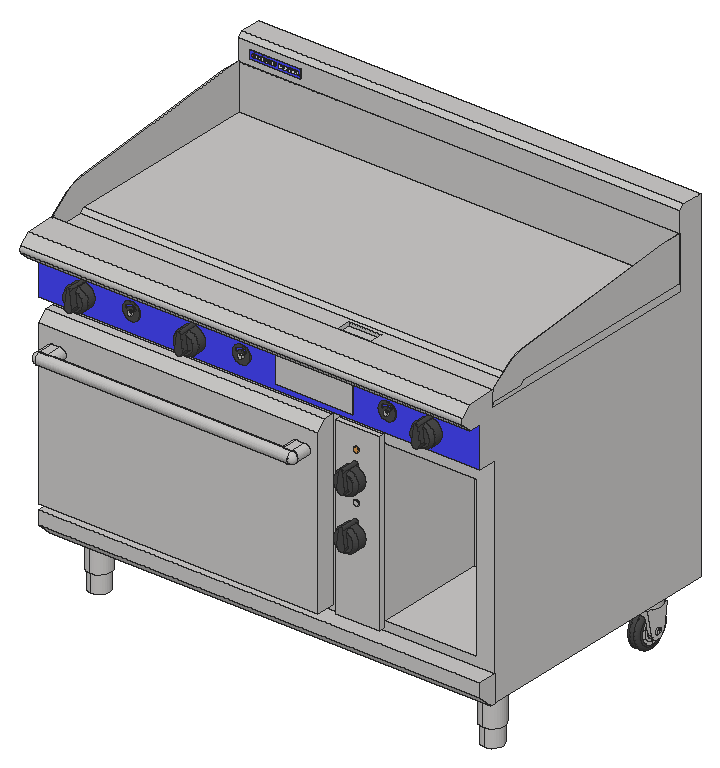
Revit family "QF_MOFFAT_BLUESEAL_AU_GPE508", category Specialty Equipment, Revit 2012
Parameters
  Width = 1200 mm
  Weight in Pounds = 484  # constant formula
  Watts = 6500 W
  Volts = 400 V
  URL Cutsheet = "www.moffat.com"
  URL = "www.moffat.com"
  Type Mark [instance] = ""
  Status [instance] = ""
  Specification by User [instance] = ""
  Specification by Manufacturer = ""
  Show Logo [instance] = yes
  Show Clearance [instance] = yes
  Show Casters [instance] = yes
  Serial Number = ""
  Seismic Rating = ""
  SMACNA No = ""
  Revision Code [instance] = ""
  Plumbing Remarks = ""
  Plumbing Connection Type [instance] = ""
  Phase = 3
  Omniclass Number and Title = ""
  Number of Poles [instance] = 1
  NAFEM Spec ID Number = ""
  Model = "GPE508"
  Min Ckt Ampacity = 0 A
  Mechanical Remarks = ""
  Mechanical Connection Type [instance] = ""
  Max Overcurrent Protection = 0 A
  Masterspec = ""
  Manufacturer = "MOFFAT BLUESEAL"
  Legs [instance] = no
  Item Number [instance] = ""
  Installed By [instance] = ""
  Identify Quantity as Lot [instance] = yes
  Height = 1085 mm
  HP = ""
  Gas Size = 3/4"
  Gas RI Height [instance] = 0 mm
  Gas KW [instance] = 30
  Gas Input [instance] = 102364.0 Btu/h
  Gas Connection Height = 0 mm
  Furnished By [instance] = ""
  Foodservice Equipment Identifier [instance] = yes
  FL Amps = 9.4 A
  Electrical Remarks [instance] = "9.4A PER PHASE"
  Electric Connection Type [instance] = ""
  Elec Conn RI Height [instance] = 0 mm
  Elec Conn Connection Height [instance] = 0 mm
  Description = "1200MM GAS RANGE  WITH ELECTRIC STATIC OVEN"
  Depth = 812 mm
  Cycle = 50 Hz
  Conn Plug = ""
  Conn Conduit = yes
  Cold Water Temperature Recommended = -459.67 °F
  Cold Water Size = 1/2"
  Cold Water RI Height [instance] = 0 mm
  Cold Water Minimum Pressure = 0.00 psi
  Cold Water Maximum Pressure = 0.00 psi
  Cold Water Flow = 0 GPM
  Cold Water Consumption = ""
  Cold Water Connection Height = 0 mm
  CSI MasterFormat = ""
  CSI Master Format = ""
  Body Finish = QF_Finishes_Stainless Steel
  Apparent Power = 0 VA
Reference planes
  plane 1 "BACK": y = 0
  plane 2: z = 0
  plane 3 "LEFT": x = 0
  plane 4 "RIGHT": x = 1200
  plane 5 "FRONT": y = -812
  plane 6 "TOP": z = 970
  plane 7 "Center Y": x = 600
  plane 8 "Center X": y = -406
  plane 9: x = 280
  plane 10: x = 1134.5
  plane 11: y = -32
  plane 12: z = 655
  plane 13: x = 65.5
  plane 14: z = 1085
  plane 15: z = 150
  plane 16: y = -100
  plane 17: y = -625
  plane 18: z = 915
Forms (mm)
  Extrusion 1, solid, material "QF_Finishes_Stainless Steel" <- "Body Finish"
    sketch origin (0, 0, 0) x (0, 1, 0) y (0, 0, 1)
      loop
        line (0, 150) -> (0, 1085) -> (-57.5, 1085) -> (-70, 1072.5) -> (-70, 875) -> (-705, 875) -> (-705, 915) -> (-783.97, 915) -> (-808.485, 890.485)
        arc (-808.485, 890.485) -> (-811.999, 882) -> (-808.485, 873.515) r 12
        line (-808.485, 873.515) -> (-784.97, 850) -> (-749, 850) -> (-749, 740) -> (-699, 740) -> (-699, 150) -> (0, 150)
      loop
        line (-700, 222.5) -> (-749, 222.5) -> (-749, 186) -> (-713, 150) -> (-700, 150) -> (-700, 222.5)
    from 0 to 1200
  Extrusion 2, solid, material "QF_Finishes_Stainless Steel"
    sketch origin (0, 0, 0) x (0, 1, 0) y (0, 0, 1)
      loop
        line (-725, 700) -> (-749, 676) -> (-749, 235) -> (-700, 235) -> (-700, 700) -> (-725, 700)
    from 0 to 760
  Extrusion 3, solid, material "QF_Finishes_Stainless Steel"
    sketch origin (723.5, 0, 0) x (0, 1, 0) y (0, 0, 1)
      loop
        line (-700, 700) -> (-716, 700) -> (-716, 227.5) -> (-700, 227.5) -> (-700, 700)
    from 56.898 to 176.5
  Revolve 4, solid, material "QF_Finishes_Stainless Steel" <- "Body Finish"
    sketch origin (1134.5, -689.126, 0) x (0, 1, 0) y (0, 0, -1)
      loop
        line (32.376, -150) -> (64.126, -150) -> (64.126, 0) -> (36.626, 0) -> (36.626, -50) -> (32.376, -50) -> (32.376, -150)
      axis (64.126, -150) -> (64.126, 0)
    angle from 0 to 360
  Revolve 5, solid, material "QF_Finishes_Stainless Steel" <- "Body Finish"
    sketch origin (65.5, -689.126, 0) x (0, 1, 0) y (0, 0, 1)
      loop
        line (32.376, 150) -> (32.376, 50) -> (36.626, 50) -> (36.626, 0) -> (64.126, 0) -> (64.126, 150) -> (32.376, 150)
      axis (64.126, 150) -> (64.126, 0)
    angle from 0 to 360
  Extrusion 6, solid, material "QF_Finishes_Stainless Steel"
    sketch origin (-64.5, 0, 325) x (1, 0, 0) y (0, 1, 0)
      loop
        circle (1134.5, -32) r 10
    from 330 to 374.856
  Extrusion 7, void
    sketch origin (0, -699, 150) x (0, 0, -1) y (-1, 0, 0)
      loop
        line (-529.781, -900) -> (-529.781, -1150) -> (-96, -1150) -> (-96, -900) -> (-529.781, -900)
    from 0 to 304.8
  Revolve 8, solid, material "QF_Finishes_Black"
    sketch origin (128, 45.874, -2.2) x (0, 1, 0) y (0, 0, -1)
      loop
        line (-827.874, -829.5) -> (-804.874, -829.5) -> (-804.874, -802) -> (-794.874, -802) -> (-794.874, -797) -> (-838.874, -797) -> (-838.874, -823.651) -> (-827.874, -829.5)
      axis (-838.874, -797) -> (-794.874, -797)
    angle from 0 to 360
  Extrusion 9, solid, material "QF_Finishes_Black"
    sketch origin (276.884, 0, -6.671) x (-1, 0, 0) y (0, 0, -1)
      loop
        line (138.465, -790.666) -> (143.886, -833.584)
        arc (143.886, -833.584) -> (148.884, -838.471) -> (153.883, -833.584) r 5
        line (153.883, -833.584) -> (159.372, -789.499)
        arc (159.372, -789.499) -> (148.3, -779) -> (138.465, -790.666) r 10.487
    from 759 to 808
  Extrusion 10, solid, material "QF_Finishes_Stainless Steel"
    sketch origin (0, -703.73, 150) x (1, 0, 0) y (0, -1, 0)
      loop
        circle (831, -219.73) r 10
    from 0 to 3
  Revolve 11, solid, material "QF_Finishes_Black"
    sketch origin (837.495, 78.874, -213.6) x (0, 1, 0) y (0, 0, 1)
      loop
        line (-827.874, 829.5) -> (-838.874, 823.651) -> (-838.874, 797) -> (-794.874, 797) -> (-794.874, 802) -> (-804.874, 802) -> (-804.874, 829.5) -> (-827.874, 829.5)
      axis (-838.874, 797) -> (-794.874, 797)
    angle from 0 to 360
  Extrusion 12, solid, material "QF_Finishes_Black"
    sketch origin (389.688, 40, -213.6) x (1, 0, 0) y (0, 0, 1)
      loop
        line (458.226, 786.195) -> (452.806, 829.113)
        arc (452.806, 829.113) -> (447.807, 834) -> (442.808, 829.113) r 5
        line (442.808, 829.113) -> (437.319, 785.028)
        arc (437.319, 785.028) -> (448.391, 774.529) -> (458.226, 786.195) r 10.487
    from 759 to 808
  Extrusion 13, solid, material "QF_Door-Drawer Clearances", visible <- "Show Clearance", detail levels coarse
    sketch origin (762.865, 0, 0) x (0, 1, 0) y (0, 0, 1)
      loop
        line (-1214, 235) -> (-749, 235) -> (-749, 700)
        arc (-749, 700) -> (-1077.805, 563.805) -> (-1214, 235) r 465
    from -2.865 to -762.865
  Extrusion 14, void
    sketch origin (0, 0, 150) x (-1, 0, 0) y (0, -1, 0)
      loop
        line (-1133.988, 87.26) -> (-1133.988, -30.24) -> (-1004.488, -30.24) -> (-1004.488, 38.76) -> (-1052.988, 87.26) -> (-1133.988, 87.26)
    from 72.5 to 549.856
  Extrusion 15, solid, material "QF_Finishes_Stainless Steel"
    sketch origin (0, -749, 227.5) x (0, 0, 1) y (-1, 0, 0)
      loop
        line (380.625, -38.246) -> (380.625, -58.528)
        arc (380.625, -58.528) -> (395.625, -73.528) -> (410.625, -58.528) r 15
        line (410.625, -58.528) -> (410.625, -38.246)
        arc (410.625, -38.246) -> (395.625, -23.246) -> (380.625, -38.246) r 15
      loop
        arc (380.625, -723.039) -> (395.625, -738.039) -> (410.625, -723.039) r 15
        line (410.625, -723.039) -> (410.625, -702.757)
        arc (410.625, -702.757) -> (395.625, -687.757) -> (380.625, -702.757) r 15
        line (380.625, -702.757) -> (380.625, -723.039)
    from 0 to 44
  Revolve 16, solid, material "QF_Finishes_Stainless Steel"
    sketch origin (0, -793, 0) x (1, 0, 0) y (0, 0, 1)
      loop
        arc (738.039, 623.125) -> (733.646, 633.732) -> (723.039, 638.125) r 15
        line (723.039, 638.125) -> (38.246, 638.125)
        arc (38.246, 638.125) -> (27.64, 633.732) -> (23.246, 623.125) r 15
        line (23.246, 623.125) -> (738.039, 623.125)
      axis (738.039, 623.125) -> (23.246, 623.125)
    angle from 0 to 360
  Revolve 17, solid, material "QF_Finishes_Black"
    sketch origin (428, 45.874, -2.2) x (0, 1, 0) y (0, 0, -1)
      loop
        line (-827.874, -829.5) -> (-804.874, -829.5) -> (-804.874, -802) -> (-794.874, -802) -> (-794.874, -797) -> (-838.874, -797) -> (-838.874, -823.651) -> (-827.874, -829.5)
      axis (-838.874, -797) -> (-794.874, -797)
    angle from 0 to 360
  Extrusion 18, solid, material "QF_Finishes_Black"
    sketch origin (576.884, 0, -6.671) x (-1, 0, 0) y (0, 0, -1)
      loop
        line (138.465, -790.666) -> (143.886, -833.584)
        arc (143.886, -833.584) -> (148.884, -838.471) -> (153.883, -833.584) r 5
        line (153.883, -833.584) -> (159.372, -789.499)
        arc (159.372, -789.499) -> (148.3, -779) -> (138.465, -790.666) r 10.487
    from 759 to 808
  Revolve 19, solid, material "QF_Finishes_Black"
    sketch origin (1071.855, 45.874, -1.504) x (0, 1, 0) y (0, 0, -1)
      loop
        line (-827.874, -829.5) -> (-804.874, -829.5) -> (-804.874, -802) -> (-794.874, -802) -> (-794.874, -797) -> (-838.874, -797) -> (-838.874, -823.651) -> (-827.874, -829.5)
      axis (-838.874, -797) -> (-794.874, -797)
    angle from 0 to 360
  Extrusion 20, solid, material "QF_Finishes_Black"
    sketch origin (1220.739, 0, -5.976) x (-1, 0, 0) y (0, 0, -1)
      loop
        line (138.465, -790.666) -> (143.886, -833.584)
        arc (143.886, -833.584) -> (148.884, -838.471) -> (153.883, -833.584) r 5
        line (153.883, -833.584) -> (159.372, -789.499)
        arc (159.372, -789.499) -> (148.3, -779) -> (138.465, -790.666) r 10.487
    from 759 to 808
  Extrusion 21, solid, material "QF_Finishes_Stainless Steel"
    sketch origin (0, -749, 866) x (0, 0, -1) y (1, 0, 0)
      loop
        line (111.628, 855) -> (24.729, 855) -> (24.729, 645) -> (111.628, 645) -> (111.628, 855)
    from 0 to 1
  Extrusion 22, solid, material "QF_Finishes_Black"
    sketch origin (0, -749, 866) x (0, 0, -1) y (1, 0, 0)
      loop
        circle (71.799, 252) r 23.9
      loop
        arc (64.44, 260.419) -> (65.3, 265.219) -> (60.5, 266.079) r 3.448
        arc (60.5, 266.079) -> (53.915, 251.341) -> (61.718, 237.209) r 18.095
        arc (61.718, 237.209) -> (66.44, 238.491) -> (65.125, 243.204) r 3.448
        arc (65.125, 243.204) -> (61.557, 251.683) -> (64.44, 260.419) r 13.109
      loop
        arc (64.44, 560.419) -> (65.3, 565.219) -> (60.5, 566.079) r 3.448
        arc (60.5, 566.079) -> (53.915, 551.341) -> (61.718, 537.209) r 18.095
        arc (61.718, 537.209) -> (66.44, 538.491) -> (65.125, 543.204) r 3.448
        arc (65.125, 543.204) -> (61.557, 551.683) -> (64.44, 560.419) r 13.109
      loop
        circle (71.799, 552) r 23.9
      loop
        circle (71.2, 948) r 23.9
      loop
        arc (64.526, 956.796) -> (65.841, 961.509) -> (61.119, 962.791) r 3.448
        arc (61.119, 962.791) -> (53.316, 948.659) -> (59.901, 933.921) r 18.095
        arc (59.901, 933.921) -> (64.701, 934.781) -> (63.841, 939.581) r 3.448
        arc (63.841, 939.581) -> (60.958, 948.317) -> (64.526, 956.796) r 13.109
    from 0 to 1
  Extrusion 23, solid, material "QF_Finishes_Stainless Steel"
    sketch origin (0, -750, 866) x (0, 0, -1) y (1, 0, 0)
      loop
        circle (75.299, 252) r 5.75
      loop
        circle (75.299, 552) r 5.75
      loop
        circle (74.7, 948) r 5.75
    from 0 to 5
  Extrusion 24, solid, material "QF_Finishes_Orange"
    sketch origin (723.5, -716, 700) x (0, 0, -1) y (1, 0, 0)
      loop
        circle (51.6, 114) r 7.15
    from 0 to 1
  Extrusion 25, solid, material "QF_Finishes_Stainless Steel"
    sketch origin (723.5, -716, 700) x (0, 0, -1) y (1, 0, 0)
      loop
        circle (181.6, 114) r 7.15
    from 0 to 1
  Revolve 26, solid, material "QF_Finishes_Stainless Steel", visible <- "Legs"
    sketch origin (65.5, -166, 0) x (0, 1, 0) y (0, 0, 1)
      loop
        line (34.25, 150) -> (34.25, 50) -> (38.5, 50) -> (38.5, 0) -> (66, 0) -> (66, 150) -> (34.25, 150)
      axis (66, 150) -> (66, 0)
    angle from 0 to 360
  Revolve 27, solid, material "QF_Finishes_Stainless Steel", visible <- "Show Casters"
    sketch origin (16.276, -100.755, -12.8) x (1, 0, 0) y (0, 0, 1)
      loop
        line (14.841, 63.604) -> (83.584, 63.604) -> (83.584, 67.109) -> (82.314, 68.379) -> (80.79, 68.379) -> (80.79, 71.826) -> (68.644, 71.826) -> (68.644, 81.79) -> (65.088, 83.843) -> (63.738, 92.179) -> (65.881, 92.179) -> (65.881, 98.529) -> (65.088, 98.529) -> (65.088, 104.879)
        arc (65.088, 104.879) -> (62.298, 111.614) -> (55.563, 114.404) r 9.525
        line (55.563, 114.404) -> (42.863, 114.404)
        arc (42.863, 114.404) -> (36.127, 111.614) -> (33.338, 104.879) r 9.525
        line (33.338, 104.879) -> (33.338, 98.529) -> (32.544, 98.529) -> (32.544, 92.179) -> (34.687, 92.179) -> (33.352, 83.932) -> (29.782, 81.871) -> (29.782, 71.826) -> (17.635, 71.826) -> (17.635, 68.379) -> (16.111, 68.379) -> (14.841, 67.109) -> (14.841, 63.604)
      axis (14.841, 63.604) -> (83.584, 63.604)
    angle from 0 to 360
  Extrusion 28, solid, material "QF_Finishes_Stainless Steel", visible <- "Show Casters"
    sketch origin (72.001, 132.353, -8.783) x (0, 1, 0) y (0, 0, 1)
      loop
        line (-200.603, 118.783) -> (-264.103, 118.783) -> (-251.746, 53.895)
        arc (-251.746, 53.895) -> (-232.353, 38.783) -> (-212.959, 53.895) r 20
        line (-212.959, 53.895) -> (-200.603, 118.783)
    from -35.667 to 22.923
  Revolve 29, solid, material "QF_Finishes_Stainless Steel", visible <- "Show Casters"
    sketch origin (65.5, -204, 0) x (0, 1, 0) y (0, 0, 1)
      loop
        line (68.25, 150) -> (68.25, 110) -> (104, 110) -> (104, 150) -> (68.25, 150)
      axis (104, 150) -> (104, 110)
    angle from 0 to 360
  Revolve 30, solid, material "QF_Finishes_Stainless Steel", visible <- "Legs"
    sketch origin (65.5, -166, 0) x (0, 1, 0) y (0, 0, 1)
      loop
        line (34.25, 150) -> (34.25, 50) -> (38.5, 50) -> (38.5, 0) -> (66, 0) -> (66, 150) -> (34.25, 150)
      axis (66, 150) -> (66, 0)
    angle from 0 to 360
  Revolve 31, solid, material "QF_Finishes_Stainless Steel", visible <- "Legs"
    sketch origin (1134.5, -166, 0) x (0, 1, 0) y (0, 0, -1)
      loop
        line (34.25, -150) -> (66, -150) -> (66, 0) -> (38.5, 0) -> (38.5, -50) -> (34.25, -50) -> (34.25, -150)
      axis (66, -150) -> (66, 0)
    angle from 0 to 360
  Revolve 32, solid, material "QF_Finishes_Stainless Steel", visible <- "Show Casters"
    sketch origin (1183.724, -100.755, -12.8) x (-1, 0, 0) y (0, 0, -1)
      loop
        line (14.841, -63.604) -> (14.841, -67.109) -> (16.111, -68.379) -> (17.635, -68.379) -> (17.635, -71.826) -> (29.782, -71.826) -> (29.782, -81.871) -> (33.352, -83.932) -> (34.687, -92.179) -> (32.544, -92.179) -> (32.544, -98.529) -> (33.338, -98.529) -> (33.338, -104.879)
        arc (33.338, -104.879) -> (36.127, -111.614) -> (42.863, -114.404) r 9.525
        line (42.863, -114.404) -> (55.563, -114.404)
        arc (55.563, -114.404) -> (62.298, -111.614) -> (65.088, -104.879) r 9.525
        line (65.088, -104.879) -> (65.088, -98.529) -> (65.881, -98.529) -> (65.881, -92.179) -> (63.738, -92.179) -> (65.088, -83.843) -> (68.644, -81.79) -> (68.644, -71.826) -> (80.79, -71.826) -> (80.79, -68.379) -> (82.314, -68.379) -> (83.584, -67.109) -> (83.584, -63.604) -> (14.841, -63.604)
      axis (14.841, -63.604) -> (83.584, -63.604)
    angle from 0 to 360
  Extrusion 33, solid, material "QF_Finishes_Stainless Steel", visible <- "Show Casters"
    sketch origin (1127.999, 132.353, -8.783) x (0, 1, 0) y (0, 0, -1)
      loop
        line (-200.603, -118.783) -> (-212.959, -53.895)
        arc (-212.959, -53.895) -> (-232.353, -38.783) -> (-251.746, -53.895) r 20
        line (-251.746, -53.895) -> (-264.103, -118.783) -> (-200.603, -118.783)
    from -35.667 to 22.923
  Revolve 34, solid, material "QF_Finishes_Stainless Steel", visible <- "Show Casters"
    sketch origin (1134.5, -204, 0) x (0, 1, 0) y (0, 0, -1)
      loop
        line (68.25, -150) -> (104, -150) -> (104, -110) -> (68.25, -110) -> (68.25, -150)
      axis (104, -150) -> (104, -110)
    angle from 0 to 360
  Revolve 35, solid, material "QF_Finishes_Stainless Steel", visible <- "Legs"
    sketch origin (1134.5, -166, 0) x (0, 1, 0) y (0, 0, -1)
      loop
        line (34.25, -150) -> (66, -150) -> (66, 0) -> (38.5, 0) -> (38.5, -50) -> (34.25, -50) -> (34.25, -150)
      axis (66, -150) -> (66, 0)
    angle from 0 to 360
  Revolve 36, solid, material "QF_Finishes_Black"
    sketch origin (837.495, 78.874, -353.465) x (0, 1, 0) y (0, 0, 1)
      loop
        line (-827.874, 829.5) -> (-838.874, 823.651) -> (-838.874, 797) -> (-794.874, 797) -> (-794.874, 802) -> (-804.874, 802) -> (-804.874, 829.5) -> (-827.874, 829.5)
      axis (-838.874, 797) -> (-794.874, 797)
    angle from 0 to 360
  Extrusion 37, solid, material "QF_Finishes_Black"
    sketch origin (389.688, 40, -353.465) x (1, 0, 0) y (0, 0, 1)
      loop
        line (458.226, 786.195) -> (452.806, 829.113)
        arc (452.806, 829.113) -> (447.807, 834) -> (442.808, 829.113) r 5
        line (442.808, 829.113) -> (437.319, 785.028)
        arc (437.319, 785.028) -> (448.391, 774.529) -> (458.226, 786.195) r 10.487
    from 759 to 808
  Extrusion 38, solid, material "QF_Finishes_Orange"
    sketch origin (723.5, -716, 700) x (0, 0, -1) y (1, 0, 0)
      loop
        circle (181.6, 114) r 7.15
    from 0 to 1
Cuts and joins
  Extrusion 7, Extrusion 14 cuts Extrusion 1
Lines and regions (mm)
  Split face 1
    outline origin (0, -750, 866) x (0, 0, -1) y (1, 0, 0)
      loop
        arc (34.628, 743) -> (38.628, 739) -> (42.628, 743) r 4
        line (42.628, 743) -> (42.628, 757)
        arc (42.628, 757) -> (38.628, 761) -> (34.628, 757) r 4
        line (34.628, 757) -> (34.628, 743)
  Split face 2
    outline origin (1200, 0, 1085) x (-1, 0, 0) y (0, -1, 0)
      loop
        arc (35.206, 45.385) -> (26.545, 40.385) -> (26.545, 30.385) r 10
        line (26.545, 30.385) -> (30.587, 23.385)
        arc (30.587, 23.385) -> (34.247, 19.725) -> (39.247, 18.385) r 10
        line (39.247, 18.385) -> (267.206, 18.385)
        arc (267.206, 18.385) -> (275.866, 23.385) -> (275.866, 33.385) r 10
        line (275.866, 33.385) -> (271.824, 40.385)
        arc (271.824, 40.385) -> (268.164, 44.045) -> (263.164, 45.385) r 10
        line (263.164, 45.385) -> (35.206, 45.385)
  Split face 3
    outline origin (1200, 0, 1085) x (-1, 0, 0) y (0, -1, 0)
      loop
        arc (335.206, 45.385) -> (326.545, 40.385) -> (326.545, 30.385) r 10
        line (326.545, 30.385) -> (330.587, 23.385)
        arc (330.587, 23.385) -> (334.247, 19.725) -> (339.247, 18.385) r 10
        line (339.247, 18.385) -> (567.206, 18.385)
        arc (567.206, 18.385) -> (575.866, 23.385) -> (575.866, 33.385) r 10
        line (575.866, 33.385) -> (571.824, 40.385)
        arc (571.824, 40.385) -> (568.164, 44.045) -> (563.164, 45.385) r 10
        line (563.164, 45.385) -> (335.206, 45.385)
  Split face 4
    outline origin (1200, 0, 1085) x (-1, 0, 0) y (0, -1, 0)
      loop
        arc (867.206, 18.385) -> (875.866, 23.385) -> (875.866, 33.385) r 10
        line (875.866, 33.385) -> (871.824, 40.385)
        arc (871.824, 40.385) -> (868.164, 44.045) -> (863.164, 45.385) r 10
        line (863.164, 45.385) -> (635.206, 45.385)
        arc (635.206, 45.385) -> (626.545, 40.385) -> (626.545, 30.385) r 10
        line (626.545, 30.385) -> (630.587, 23.385)
        arc (630.587, 23.385) -> (634.247, 19.725) -> (639.247, 18.385) r 10
        line (639.247, 18.385) -> (867.206, 18.385)
  Split face 5
    outline origin (1200, 0, 1085) x (-1, 0, 0) y (0, -1, 0)
      loop
        arc (1167.206, 18.385) -> (1175.866, 23.385) -> (1175.866, 33.385) r 10
        line (1175.866, 33.385) -> (1171.824, 40.385)
        arc (1171.824, 40.385) -> (1168.164, 44.045) -> (1163.164, 45.385) r 10
        line (1163.164, 45.385) -> (935.206, 45.385)
        arc (935.206, 45.385) -> (926.545, 40.385) -> (926.545, 30.385) r 10
        line (926.545, 30.385) -> (930.587, 23.385)
        arc (930.587, 23.385) -> (934.247, 19.725) -> (939.247, 18.385) r 10
        line (939.247, 18.385) -> (1167.206, 18.385)
  symbolic lines, style "QF_Door-Drawer Clearances", visible <- "Show Clearance"
    curve 1: line (0, -1214, 0) -> (760, -1214, 0)
    curve 2: line (760, -1214, 0) -> (760, -811.999, 0)
    curve 3: line (0, -1214, 0) -> (0, -811.999, 0)
  symbolic lines, style "SpecialityEquipmentHiddenLines", visible <- "Show Casters"
    curve 4: line (78.456, -46.735, 0) -> (105.952, -62.61, 0)
    curve 5: line (27.656, -134.723, 0) -> (78.456, -46.735, 0)
    curve 6: line (55.152, -150.598, 0) -> (27.656, -134.723, 0)
    curve 7: line (105.952, -62.61, 0) -> (55.152, -150.598, 0)
    curve 8: line (1125.152, -150.598, 0) -> (1097.656, -134.723, 0)
    curve 9: line (1175.952, -62.61, 0) -> (1125.152, -150.598, 0)
    curve 11: line (1148.456, -46.735, 0) -> (1097.656, -134.723, 0)
    curve 12: line (1175.952, -62.61, 0) -> (1148.456, -46.735, 0)
  symbolic lines
    curve 10: arc (36.836, -45.385, 0) -> (31.836, -44.045, 0) -> (28.176, -40.385, 0) r 10
    curve 13: line (260.753, -18.385, 0) -> (32.794, -18.385, 0)
    curve 14: arc (32.794, -18.385, 0) -> (24.134, -23.385, 0) -> (24.134, -33.385, 0) r 10
    curve 15: line (24.134, -33.385, 0) -> (28.176, -40.385, 0)
    curve 16: arc (28.176, -40.385, 0) -> (31.836, -44.045, 0) -> (36.836, -45.385, 0) r 10
    curve 17: line (36.836, -45.385, 0) -> (264.794, -45.385, 0)
    curve 18: arc (264.794, -45.385, 0) -> (273.455, -40.385, 0) -> (273.455, -30.385, 0) r 10
    curve 19: line (273.455, -30.385, 0) -> (269.413, -23.385, 0)
    curve 20: arc (269.413, -23.385, 0) -> (265.753, -19.725, 0) -> (260.753, -18.385, 0) r 10
    curve 21: line (560.753, -18.385, 0) -> (332.794, -18.385, 0)
    curve 22: arc (332.794, -18.385, 0) -> (324.134, -23.385, 0) -> (324.134, -33.385, 0) r 10
    curve 23: line (324.134, -33.385, 0) -> (328.176, -40.385, 0)
    curve 24: arc (328.176, -40.385, 0) -> (331.836, -44.045, 0) -> (336.836, -45.385, 0) r 10
    curve 25: line (336.836, -45.385, 0) -> (564.794, -45.385, 0)
    curve 26: arc (564.794, -45.385, 0) -> (573.455, -40.385, 0) -> (573.455, -30.385, 0) r 10
    curve 27: line (573.455, -30.385, 0) -> (569.413, -23.385, 0)
    curve 28: arc (569.413, -23.385, 0) -> (565.753, -19.725, 0) -> (560.753, -18.385, 0) r 10
    curve 29: line (860.753, -18.385, 0) -> (632.794, -18.385, 0)
    curve 30: arc (632.794, -18.385, 0) -> (624.134, -23.385, 0) -> (624.134, -33.385, 0) r 10
    curve 31: line (624.134, -33.385, 0) -> (628.176, -40.385, 0)
    curve 32: arc (628.176, -40.385, 0) -> (631.836, -44.045, 0) -> (636.836, -45.385, 0) r 10
    curve 33: line (636.836, -45.385, 0) -> (864.794, -45.385, 0)
    curve 34: arc (864.794, -45.385, 0) -> (873.455, -40.385, 0) -> (873.455, -30.385, 0) r 10
    curve 35: line (873.455, -30.385, 0) -> (869.413, -23.385, 0)
    curve 36: arc (869.413, -23.385, 0) -> (865.753, -19.725, 0) -> (860.753, -18.385, 0) r 10
    curve 37: line (932.794, -18.385, 0) -> (1160.753, -18.385, 0)
    curve 38: arc (1160.753, -18.385, 0) -> (1165.753, -19.725, 0) -> (1169.413, -23.385, 0) r 10
    curve 39: line (1169.413, -23.385, 0) -> (1173.455, -30.385, 0)
    curve 40: arc (1173.455, -30.385, 0) -> (1173.455, -40.385, 0) -> (1164.794, -45.385, 0) r 10
    curve 41: line (1164.794, -45.385, 0) -> (936.836, -45.385, 0)
    curve 42: arc (936.836, -45.385, 0) -> (931.836, -44.045, 0) -> (928.176, -40.385, 0) r 10
    curve 43: line (928.176, -40.385, 0) -> (924.134, -33.385, 0)
    curve 44: arc (924.134, -33.385, 0) -> (924.134, -23.385, 0) -> (932.794, -18.385, 0) r 10
    curve 45: line (0, -783.97, 0) -> (1200, -783.97, 0)
    curve 46: line (1200, -811.999, 0) -> (0, -811.999, 0)
    curve 47: line (1200, -811.999, 0) -> (1200, 0, 0)
    curve 48: line (0, 0, 0) -> (0, -811.999, 0)
    curve 49: line (0, 0, 0) -> (1200, 0, 0)
    curve 50: line (0, -70, 0) -> (1200, -70, 0)
    curve 51: line (0, -57.5, 0) -> (1200, -57.5, 0)
Dimensions and locks
  equal spacing: plane 3 "LEFT", plane 7 "Center Y", plane 4 "RIGHT"
  "Width": plane 3 "LEFT" to plane 4 "RIGHT"
  equal spacing: plane 5 "FRONT", plane 8 "Center X", plane 1 "BACK"
  plane 5 "FRONT" to plane 1 "BACK" = 812 mm  (x2)
  equal spacing: plane 4 "RIGHT", plane 7 "Center Y", plane 3 "LEFT"
  plane 4 "RIGHT" to plane 3 "LEFT" = 1200 mm
  plane 9 to plane 3 "LEFT" = 280 mm
  locked: plane 4 "RIGHT" to plane 10 at 65.5
  plane 14 to plane 2 = 1085 mm
  plane 15 to plane 2 = 150 mm
  Revolve 27 sketch curve to Revolve 27 sketch curve = 50.8 mm
  Revolve 32 sketch curve to Revolve 32 sketch curve = 50.8 mm
  Extrusion 10 sketch curve to plane 1 "BACK" = 484 mm
  Extrusion 10 sketch curve to plane 4 "RIGHT" = 369 mm
  plane 18 to plane 2 = 915 mm
  plane 12 to plane 2 = 655 mm
  plane 1 "BACK" to plane 11 = 32 mm
  aligned and locked: level to plane 2
  aligned and locked: Extrusion 1 to plane 4 "RIGHT"
  aligned and locked: plane 10 to Revolve 4
Automatic sketch dimensions
  curve 10 to curve 16 = 0 mm  (x2)
  curve 1 to plane 3 "LEFT" = 0 mm
  curve 46 to plane 4 "RIGHT" = 0 mm
  plane 1 "BACK" to curve 48 = 0 mm
  curve 15 to plane 11 = 1.385 mm
  plane 3 "LEFT" to curve 15 = 24.134 mm
  plane 3 "LEFT" to curve 6 = 27.656 mm
  curve 14 to curve 16 = 4.041 mm
  curve 14 to curve 13 = 8.66 mm
  curve 15 to curve 10 = 8.66 mm
  curve 6 to plane 13 = 10.348 mm
  plane 13 to curve 5 = 12.956 mm
  curve 13 to plane 9 = 19.247 mm
  curve 18 to plane 11 = 3.385 mm
  curve 20 to curve 18 = 4.041 mm
  curve 20 to curve 19 = 8.66 mm
  plane 11 to curve 18 = 1.615 mm
  curve 18 to plane 9 = 6.545 mm
  curve 22 to plane 11 = 1.385 mm
  plane 9 to curve 22 = 44.134 mm
  curve 23 to plane 11 = 8.385 mm
  curve 23 to curve 23 = 4.041 mm
  curve 22 to curve 21 = 8.66 mm
  curve 24 to plane 11 = 3.385 mm
  curve 22 to curve 24 = 4.041 mm
  plane 11 to curve 28 = 13.615 mm
  curve 28 to plane 7 "Center Y" = 39.247 mm
  curve 26 to plane 11 = 3.385 mm
  curve 28 to curve 26 = 4.041 mm
  plane 11 to curve 27 = 8.615 mm
  curve 21 to curve 27 = 8.66 mm
  plane 11 to curve 26 = 1.615 mm
  curve 30 to plane 11 = 1.385 mm
  plane 7 "Center Y" to curve 30 = 24.134 mm
  curve 31 to plane 11 = 8.385 mm
  curve 31 to curve 31 = 4.041 mm
  curve 30 to curve 30 = 8.66 mm
  curve 32 to plane 11 = 3.385 mm
  curve 30 to curve 32 = 4.041 mm
  curve 2 to plane 5 "FRONT" = 0.001 mm
  plane 7 "Center Y" to curve 2 = 160 mm
  plane 11 to curve 36 = 13.615 mm
  curve 32 to curve 36 = 223.917 mm
  curve 36 to curve 34 = 4.041 mm  (x2)
  plane 11 to curve 35 = 8.615 mm
  curve 29 to curve 35 = 8.66 mm
  plane 11 to curve 34 = 1.615 mm
  curve 43 to plane 11 = 1.385 mm
  curve 35 to curve 43 = 50.679 mm
  curve 43 to plane 11 = 8.385 mm
  curve 44 to curve 43 = 4.041 mm
  plane 11 to curve 44 = 13.615 mm
  curve 44 to curve 44 = 8.66 mm
  curve 42 to curve 42 = 8.66 mm
  curve 11 to plane 10 = 36.844 mm
  curve 8 to plane 10 = 9.348 mm
  plane 10 to curve 11 = 13.956 mm
  plane 10 to curve 37 = 26.253 mm
  curve 11 to curve 40 = 16.339 mm
  plane 11 to curve 39 = 8.615 mm
  curve 38 to curve 39 = 8.66 mm
  plane 11 to curve 39 = 1.615 mm
  curve 39 to curve 39 = 4.041 mm
  plane 5 "FRONT" to curve 1 = 402 mm
  curve 46 to curve 45 = 28.029 mm
  plane 16 to curve 6 = 50.598 mm
  plane 16 to curve 8 = 50.598 mm
  curve 8 to curve 8 = 15.875 mm
  curve 6 to curve 6 = 15.875 mm
  curve 50 to curve 9 = 7.39 mm
  curve 50 to curve 51 = 12.5 mm
  curve 42 to curve 42 = 5 mm
  curve 16 to curve 14 = 7 mm
  plane 11 to curve 14 = 3.615 mm
  plane 11 to curve 20 = 3.615 mm
  Extrusion 1 sketch curve to plane 18 = 0 mm
  Extrusion 1 sketch curve to plane 15 = 0 mm  (x2)
  Extrusion 1 sketch curve to plane 14 = 0 mm
  Extrusion 1 sketch curve to plane 1 "BACK" = 0 mm
  Extrusion 1 sketch curve to plane 11 = 25.5 mm
  Extrusion 1 sketch curve to plane 16 = 30 mm
  plane 17 to Extrusion 1 sketch curve = 74 mm
  Extrusion 1 sketch curve to Extrusion 1 sketch curve = 1 mm
  plane 17 to Extrusion 1 sketch curve = 80 mm
  Extrusion 1 sketch curve to Extrusion 1 sketch curve = 13 mm
  Extrusion 1 sketch curve to Extrusion 1 sketch curve = 44 mm
  Extrusion 1 sketch curve to Extrusion 1 sketch curve = 36 mm
  Extrusion 1 sketch curve to plane 5 "FRONT" = 28.03 mm
  Extrusion 1 sketch curve to plane 5 "FRONT" = 27.03 mm
  Extrusion 1 sketch curve to plane 5 "FRONT" = 12.001 mm
  Extrusion 1 sketch curve to plane 5 "FRONT" = 3.515 mm  (x2)
  plane 15 to Extrusion 1 sketch curve = 36 mm
  Extrusion 1 sketch curve to Extrusion 1 sketch curve = 36.5 mm
  plane 12 to Extrusion 1 sketch curve = 85 mm
  Extrusion 1 sketch curve to plane 18 = 65 mm
  Extrusion 1 sketch curve to Extrusion 1 sketch curve = 23.515 mm
  Extrusion 1 sketch curve to plane 18 = 40 mm
  Extrusion 1 sketch curve to Extrusion 1 sketch curve = 8.485 mm
  Extrusion 1 sketch curve to plane 14 = 12.5 mm
  plane 12 to Extrusion 2 sketch curve = 21 mm
  Extrusion 2 sketch curve to plane 5 "FRONT" = 63 mm
  Extrusion 2 sketch curve to Extrusion 2 sketch curve = 24 mm
  Extrusion 2 sketch curve to Extrusion 2 sketch curve = 49 mm
  plane 15 to Extrusion 2 sketch curve = 85 mm
  plane 12 to Extrusion 2 sketch curve = 45 mm
  plane 17 to Extrusion 3 sketch curve = 91 mm
  Extrusion 3 sketch curve to Extrusion 3 sketch curve = 16 mm
  plane 15 to Extrusion 3 sketch curve = 77.5 mm
  plane 12 to Extrusion 3 sketch curve = 45 mm
  Revolve 4 sketch curve to plane 15 = 0 mm
  Revolve 4 sketch curve to level = 0 mm
  Revolve 4 sketch curve to plane 17 = 0 mm  (x2)
  Revolve 4 sketch curve to Revolve 4 sketch curve = 27.5 mm
  plane 17 to Revolve 4 sketch curve = 31.75 mm
  level to Revolve 4 sketch curve = 50 mm
  Revolve 4 sketch curve to Revolve 4 sketch curve = 0 mm
  Revolve 4 sketch curve to Revolve 4 sketch curve = 55 mm
  Revolve 5 sketch curve to plane 15 = 0 mm
  Revolve 5 sketch curve to level = 0 mm
  Revolve 5 sketch curve to plane 17 = 0 mm  (x2)
  Revolve 5 sketch curve to Revolve 5 sketch curve = 27.5 mm
  Revolve 5 sketch curve to Revolve 5 sketch curve = 31.75 mm
  Revolve 5 sketch curve to Revolve 5 sketch curve = 55 mm
  level to Revolve 5 sketch curve = 50 mm
  Revolve 5 sketch curve to Revolve 5 sketch curve = 0 mm
  Extrusion 6 sketch curve to plane 11 = 0 mm
  Extrusion 6 sketch curve to plane 10 = 64.5 mm
  Extrusion 1 to Extrusion 7 sketch curve = 60.219 mm
  Extrusion 1 to Extrusion 7 sketch curve = 96 mm
  Extrusion 7 sketch curve to Extrusion 1 = 50 mm
  Extrusion 7 sketch curve to Extrusion 7 sketch curve = 250 mm
  Revolve 8 sketch curve to plane 5 "FRONT" = 19 mm
  Revolve 8 sketch curve to Revolve 8 sketch curve = 0 mm  (x2)
  Revolve 8 sketch curve to Revolve 8 sketch curve = 11 mm
  Revolve 8 sketch curve to Revolve 8 sketch curve = 12.7 mm
  Revolve 8 sketch curve to Revolve 8 sketch curve = 23 mm
  Revolve 8 sketch curve to Revolve 8 sketch curve = 10 mm
  Revolve 8 sketch curve to plane 18 = 87.7 mm
  Revolve 8 sketch curve to Revolve 8 sketch curve = 5.849 mm
  Revolve 8 sketch curve to Revolve 8 sketch curve = 27.5 mm
  Revolve 8 sketch curve to Revolve 8 sketch curve = 5 mm
  plane 13 to Extrusion 9 sketch curve = 72.919 mm
  Extrusion 9 sketch curve to Extrusion 9 sketch curve = 5.421 mm
  Extrusion 9 sketch curve to Extrusion 9 sketch curve = 10.419 mm
  Extrusion 9 sketch curve to Extrusion 9 sketch curve = 4.999 mm  (x2)
  Extrusion 9 sketch curve to Extrusion 9 sketch curve = 10.487 mm
  Extrusion 9 sketch curve to plane 18 = 88.087 mm
  Extrusion 9 sketch curve to Extrusion 9 sketch curve = 0.113 mm
  Extrusion 9 sketch curve to Extrusion 9 sketch curve = 42.919 mm
  Extrusion 9 sketch curve to Extrusion 9 sketch curve = 1.167 mm
  Revolve 11 sketch curve to plane 5 "FRONT" = 52 mm
  Revolve 11 sketch curve to Revolve 11 sketch curve = 0 mm  (x2)
  Revolve 11 sketch curve to Revolve 11 sketch curve = 11 mm
  Revolve 11 sketch curve to Revolve 11 sketch curve = 12.7 mm
  Revolve 11 sketch curve to Revolve 11 sketch curve = 23 mm
  Revolve 11 sketch curve to Revolve 11 sketch curve = 10 mm
  Revolve 11 sketch curve to plane 12 = 71.6 mm
  Revolve 11 sketch curve to Revolve 11 sketch curve = 5 mm
  Revolve 11 sketch curve to Revolve 11 sketch curve = 26.651 mm
  Revolve 11 sketch curve to Revolve 11 sketch curve = 5.849 mm
  Extrusion 12 sketch curve to plane 12 = 83.572 mm
  plane 7 "Center Y" to Extrusion 12 sketch curve = 227.008 mm
  Extrusion 12 sketch curve to Extrusion 12 sketch curve = 5.489 mm
  Extrusion 12 sketch curve to Extrusion 12 sketch curve = 4.999 mm  (x2)
  Extrusion 12 sketch curve to Extrusion 12 sketch curve = 10.487 mm
  Extrusion 12 sketch curve to plane 12 = 39.487 mm
  Extrusion 12 sketch curve to plane 12 = 82.405 mm
  Extrusion 12 sketch curve to Extrusion 12 sketch curve = 10.419 mm
  Extrusion 12 sketch curve to Extrusion 12 sketch curve = 0.113 mm
  plane 15 to Extrusion 13 sketch curve = 85 mm
  plane 5 "FRONT" to Extrusion 13 sketch curve = 402 mm
  Extrusion 13 sketch curve to plane 5 "FRONT" = 63 mm
  Extrusion 14 sketch curve to plane 10 = 0.512 mm
  Extrusion 14 sketch curve to plane 16 = 12.74 mm
  Extrusion 14 sketch curve to Extrusion 14 sketch curve = 81 mm
  Extrusion 14 sketch curve to plane 11 = 6.76 mm
  Extrusion 14 sketch curve to Extrusion 14 sketch curve = 48.5 mm
  Extrusion 14 sketch curve to plane 1 "BACK" = 30.24 mm
  Extrusion 15 sketch curve to plane 13 = 6.972 mm
  Extrusion 15 sketch curve to plane 12 = 46.875 mm  (x2)
  Extrusion 15 sketch curve to Extrusion 15 sketch curve = 15 mm  (x2)
  plane 7 "Center Y" to Extrusion 15 sketch curve = 102.757 mm
  Extrusion 15 sketch curve to Extrusion 15 sketch curve = 20.282 mm  (x2)
  Revolve 16 sketch curve to plane 3 "LEFT" = 6.961 mm
  plane 3 "LEFT" to Revolve 16 sketch curve = 23.246 mm
  Revolve 16 sketch curve to plane 12 = 16.875 mm
  Revolve 16 sketch curve to Revolve 16 sketch curve = 15 mm
  Revolve 16 sketch curve to plane 7 "Center Y" = 11.961 mm
  plane 7 "Center Y" to Revolve 16 sketch curve = 123.039 mm
  Revolve 16 sketch curve to Revolve 16 sketch curve = 0 mm
  Revolve 17 sketch curve to plane 5 "FRONT" = 19 mm
  Revolve 17 sketch curve to Revolve 17 sketch curve = 0 mm  (x2)
  Revolve 17 sketch curve to Revolve 17 sketch curve = 11 mm
  Revolve 17 sketch curve to Revolve 17 sketch curve = 12.7 mm
  Revolve 17 sketch curve to Revolve 17 sketch curve = 23 mm
  Revolve 17 sketch curve to Revolve 17 sketch curve = 10 mm
  Revolve 17 sketch curve to plane 18 = 87.7 mm
  Revolve 17 sketch curve to Revolve 17 sketch curve = 5.849 mm
  Revolve 17 sketch curve to Revolve 17 sketch curve = 27.5 mm
  Revolve 17 sketch curve to Revolve 17 sketch curve = 5 mm
  plane 9 to Extrusion 18 sketch curve = 158.419 mm
  Extrusion 18 sketch curve to Extrusion 18 sketch curve = 5.421 mm
  Extrusion 18 sketch curve to Extrusion 18 sketch curve = 10.419 mm
  Extrusion 18 sketch curve to Extrusion 18 sketch curve = 4.999 mm  (x2)
  Extrusion 18 sketch curve to plane 18 = 88.087 mm
  Extrusion 18 sketch curve to Extrusion 18 sketch curve = 10.487 mm
  Extrusion 18 sketch curve to Extrusion 18 sketch curve = 0.113 mm
  Extrusion 18 sketch curve to Extrusion 18 sketch curve = 42.919 mm
  Extrusion 18 sketch curve to Extrusion 18 sketch curve = 1.167 mm
  Revolve 19 sketch curve to plane 5 "FRONT" = 19 mm
  Revolve 19 sketch curve to Revolve 19 sketch curve = 0 mm  (x2)
  Revolve 19 sketch curve to Revolve 19 sketch curve = 11 mm
  Revolve 19 sketch curve to Revolve 19 sketch curve = 12.7 mm
  Revolve 19 sketch curve to Revolve 19 sketch curve = 23 mm
  Revolve 19 sketch curve to Revolve 19 sketch curve = 10 mm
  Revolve 19 sketch curve to plane 18 = 87.004 mm
  Revolve 19 sketch curve to Revolve 19 sketch curve = 5.849 mm
  Revolve 19 sketch curve to Revolve 19 sketch curve = 27.5 mm
  Revolve 19 sketch curve to Revolve 19 sketch curve = 5 mm
  Extrusion 20 sketch curve to plane 10 = 52.226 mm
  Extrusion 20 sketch curve to Extrusion 20 sketch curve = 5.421 mm
  Extrusion 20 sketch curve to Extrusion 20 sketch curve = 10.419 mm
  Extrusion 20 sketch curve to Extrusion 20 sketch curve = 4.999 mm  (x2)
  Extrusion 20 sketch curve to Extrusion 20 sketch curve = 10.487 mm
  Extrusion 20 sketch curve to plane 18 = 87.391 mm
  Extrusion 20 sketch curve to Extrusion 20 sketch curve = 0.113 mm
  Extrusion 20 sketch curve to Extrusion 20 sketch curve = 42.919 mm
  Extrusion 20 sketch curve to Extrusion 20 sketch curve = 1.167 mm
  Extrusion 21 sketch curve to Extrusion 1 = 8.729 mm
  Extrusion 21 sketch curve to Extrusion 1 = 14.372 mm
  Extrusion 1 to Extrusion 21 sketch curve = 555 mm
  Extrusion 21 sketch curve to Extrusion 21 sketch curve = 210 mm
  Extrusion 22 sketch curve to Extrusion 1 = 43.901 mm
  Extrusion 22 sketch curve to Extrusion 1 = 44.5 mm  (x2)
  Extrusion 22 sketch curve to Extrusion 22 sketch curve = 1.218 mm  (x3)
  Extrusion 22 sketch curve to Extrusion 22 sketch curve = 1.97 mm  (x6)
  Extrusion 22 sketch curve to Extrusion 22 sketch curve = 1.724 mm  (x3)
  Extrusion 22 sketch curve to Extrusion 22 sketch curve = 1.683 mm  (x3)
  Extrusion 22 sketch curve to Extrusion 22 sketch curve = 6.674 mm  (x3)
  Extrusion 22 sketch curve to Extrusion 22 sketch curve = 0.195 mm  (x3)
  Extrusion 22 sketch curve to Extrusion 22 sketch curve = 2.662 mm  (x3)
  Extrusion 1 to Extrusion 22 sketch curve = 237.209 mm
  Extrusion 22 sketch curve to Extrusion 22 sketch curve = 2.986 mm  (x2)
  Extrusion 22 sketch curve to Extrusion 22 sketch curve = 8.796 mm  (x2)
  Extrusion 22 sketch curve to Extrusion 22 sketch curve = 0.103 mm  (x3)
  Extrusion 22 sketch curve to Extrusion 22 sketch curve = 0.102 mm  (x3)
  Extrusion 22 sketch curve to Extrusion 22 sketch curve = 271.13 mm
  Extrusion 1 to Extrusion 22 sketch curve = 266.079 mm
  Extrusion 22 sketch curve to Extrusion 22 sketch curve = 2.83 mm
  Extrusion 22 sketch curve to Extrusion 22 sketch curve = 8.215 mm
  Extrusion 23 sketch curve to Extrusion 23 sketch curve = 0.599 mm
  Extrusion 23 sketch curve to Extrusion 23 sketch curve = 0 mm
  Extrusion 23 sketch curve to Extrusion 23 sketch curve = 300 mm
  Extrusion 23 sketch curve to Extrusion 23 sketch curve = 396 mm
  Split face 1 sketch curve to Extrusion 21 = 9.899 mm
  Split face 1 sketch curve to Split face 1 sketch curve = 4 mm
  Split face 1 sketch curve to Extrusion 21 = 98 mm
  Split face 1 sketch curve to Split face 1 sketch curve = 14 mm
  Extrusion 3 to Extrusion 24 sketch curve = 51.6 mm
  Extrusion 3 to Extrusion 24 sketch curve = 57.102 mm
  Extrusion 3 to Extrusion 25 sketch curve = 57.102 mm
  Extrusion 3 to Extrusion 25 sketch curve = 181.6 mm
  Split face 2 sketch curve to cut or joined group of Extrusion 1, Extrusion 7, Extrusion 14 = 26.545 mm
  Split face 2 sketch curve to Split face 2 sketch curve = 4.041 mm  (x4)
  Split face 2 sketch curve to Split face 2 sketch curve = 8.66 mm  (x2)
  Split face 2 sketch curve to cut or joined group of Extrusion 1, Extrusion 7, Extrusion 14 = 22.115 mm
  Split face 2 sketch curve to Split face 2 sketch curve = 223.917 mm
  Split face 2 sketch curve to cut or joined group of Extrusion 1, Extrusion 7, Extrusion 14 = 17.115 mm
  Split face 2 sketch curve to Split face 2 sketch curve = 10 mm
  Split face 2 sketch curve to Split face 2 sketch curve = 7 mm  (x3)
  Split face 3 sketch curve to cut or joined group of Extrusion 1, Extrusion 7, Extrusion 14 = 27.115 mm
  Split face 3 sketch curve to cut or joined group of Extrusion 1, Extrusion 7, Extrusion 14 = 326.545 mm
  Split face 3 sketch curve to cut or joined group of Extrusion 1, Extrusion 7, Extrusion 14 = 23.385 mm
  Split face 3 sketch curve to Split face 3 sketch curve = 4.041 mm  (x4)
  Split face 3 sketch curve to Split face 3 sketch curve = 8.66 mm  (x2)
  Split face 3 sketch curve to cut or joined group of Extrusion 1, Extrusion 7, Extrusion 14 = 22.115 mm
  Split face 3 sketch curve to Split face 3 sketch curve = 223.917 mm
  Split face 3 sketch curve to cut or joined group of Extrusion 1, Extrusion 7, Extrusion 14 = 17.115 mm
  Split face 3 sketch curve to Split face 3 sketch curve = 17 mm
  Split face 3 sketch curve to Split face 3 sketch curve = 7 mm
  Split face 4 sketch curve to cut or joined group of Extrusion 1, Extrusion 7, Extrusion 14 = 27.115 mm
  Split face 4 sketch curve to cut or joined group of Extrusion 1, Extrusion 7, Extrusion 14 = 573.455 mm
  Split face 4 sketch curve to Split face 4 sketch curve = 4.041 mm  (x4)
  Split face 4 sketch curve to Split face 4 sketch curve = 8.66 mm  (x2)
  Split face 4 sketch curve to cut or joined group of Extrusion 1, Extrusion 7, Extrusion 14 = 12.115 mm
  Split face 4 sketch curve to Split face 4 sketch curve = 223.917 mm
  Split face 4 sketch curve to Split face 4 sketch curve = 7 mm  (x3)
  Split face 4 sketch curve to Split face 4 sketch curve = 17 mm
  Split face 5 sketch curve to cut or joined group of Extrusion 1, Extrusion 7, Extrusion 14 = 27.115 mm
  Split face 5 sketch curve to cut or joined group of Extrusion 1, Extrusion 7, Extrusion 14 = 273.455 mm
  Split face 5 sketch curve to Split face 5 sketch curve = 4.041 mm  (x4)
  Split face 5 sketch curve to Split face 5 sketch curve = 8.66 mm  (x2)
  Split face 5 sketch curve to cut or joined group of Extrusion 1, Extrusion 7, Extrusion 14 = 12.115 mm
  Split face 5 sketch curve to cut or joined group of Extrusion 1, Extrusion 7, Extrusion 14 = 36.836 mm
  Split face 5 sketch curve to Split face 5 sketch curve = 7 mm  (x3)
  Split face 5 sketch curve to Split face 5 sketch curve = 17 mm
  Revolve 26 sketch curve to plane 15 = 0 mm
  Revolve 26 sketch curve to level = 0 mm
  Revolve 26 sketch curve to plane 16 = 0 mm  (x2)
  Revolve 26 sketch curve to Revolve 26 sketch curve = 27.5 mm
  Revolve 26 sketch curve to Revolve 26 sketch curve = 31.75 mm
  Revolve 26 sketch curve to Revolve 26 sketch curve = 55 mm
  level to Revolve 26 sketch curve = 50 mm
  Revolve 26 sketch curve to Revolve 26 sketch curve = 0 mm
  plane 3 "LEFT" to Revolve 27 sketch curve = 31.118 mm
  Revolve 27 sketch curve to Revolve 27 sketch curve = 1.27 mm  (x4)
  Revolve 27 sketch curve to Revolve 27 sketch curve = 1.524 mm  (x2)
  Revolve 27 sketch curve to Revolve 27 sketch curve = 12.146 mm  (x2)
  Revolve 27 sketch curve to plane 13 = 16.68 mm
  Revolve 27 sketch curve to Revolve 27 sketch curve = 0.794 mm  (x2)
  Revolve 27 sketch curve to Revolve 27 sketch curve = 3.57 mm
  Revolve 27 sketch curve to Revolve 27 sketch curve = 2.143 mm
  Revolve 27 sketch curve to plane 13 = 6.361 mm
  plane 13 to Revolve 27 sketch curve = 5.13 mm
  plane 13 to Revolve 27 sketch curve = 6.339 mm
  plane 13 to Revolve 27 sketch curve = 14.515 mm
  Revolve 27 sketch curve to Revolve 27 sketch curve = 1.349 mm  (x2)
  Revolve 27 sketch curve to Revolve 27 sketch curve = 3.556 mm
  Revolve 27 sketch curve to Revolve 27 sketch curve = 33.32 mm
  level to Revolve 27 sketch curve = 50.804 mm
  Revolve 27 sketch curve to Revolve 27 sketch curve = 0 mm
  Revolve 27 sketch curve to Revolve 27 sketch curve = 3.505 mm  (x2)
  Revolve 27 sketch curve to Revolve 27 sketch curve = 3.447 mm  (x2)
  Revolve 27 sketch curve to Revolve 27 sketch curve = 9.964 mm
  Revolve 27 sketch curve to Revolve 27 sketch curve = 10.045 mm
  Revolve 27 sketch curve to Revolve 27 sketch curve = 2.053 mm
  Revolve 27 sketch curve to Revolve 27 sketch curve = 2.061 mm
  Revolve 27 sketch curve to Revolve 27 sketch curve = 8.247 mm
  Revolve 27 sketch curve to Revolve 27 sketch curve = 8.336 mm
  Revolve 27 sketch curve to Revolve 27 sketch curve = 6.35 mm  (x2)
  Extrusion 28 sketch curve to plane 16 = 0 mm
  plane 16 to Extrusion 28 sketch curve = 19.393 mm
  plane 16 to Extrusion 28 sketch curve = 31.75 mm
  Extrusion 28 sketch curve to plane 16 = 19.393 mm
  Extrusion 28 sketch curve to plane 16 = 31.75 mm
  level to Extrusion 28 sketch curve = 45.111 mm
  Extrusion 28 sketch curve to Extrusion 28 sketch curve = 4.889 mm
  Extrusion 28 sketch curve to plane 15 = 40 mm
  Revolve 29 sketch curve to plane 15 = 0 mm
  Revolve 29 sketch curve to plane 16 = 0 mm  (x2)
  plane 16 to Revolve 29 sketch curve = 35.75 mm
  Revolve 29 sketch curve to plane 15 = 40 mm
  level to Revolve 29 sketch curve = 50 mm
  Revolve 29 sketch curve to level = 55 mm
  Revolve 30 sketch curve to plane 15 = 0 mm
  Revolve 30 sketch curve to level = 0 mm
  Revolve 30 sketch curve to plane 16 = 0 mm  (x2)
  Revolve 30 sketch curve to Revolve 30 sketch curve = 27.5 mm
  Revolve 30 sketch curve to Revolve 30 sketch curve = 31.75 mm
  Revolve 30 sketch curve to Revolve 30 sketch curve = 55 mm
  level to Revolve 30 sketch curve = 50 mm
  Revolve 30 sketch curve to Revolve 30 sketch curve = 0 mm
  Revolve 31 sketch curve to plane 15 = 0 mm
  Revolve 31 sketch curve to level = 0 mm
  Revolve 31 sketch curve to plane 16 = 0 mm  (x2)
  Revolve 31 sketch curve to Revolve 31 sketch curve = 27.5 mm
  Revolve 31 sketch curve to Revolve 31 sketch curve = 31.75 mm
  level to Revolve 31 sketch curve = 50 mm
  Revolve 31 sketch curve to Revolve 31 sketch curve = 0 mm
  Revolve 31 sketch curve to Revolve 31 sketch curve = 55 mm
  plane 4 "RIGHT" to Revolve 32 sketch curve = 31.118 mm
  Revolve 32 sketch curve to Revolve 32 sketch curve = 1.27 mm  (x4)
  Revolve 32 sketch curve to Revolve 32 sketch curve = 1.524 mm  (x2)
  Revolve 32 sketch curve to Revolve 32 sketch curve = 12.146 mm  (x2)
  plane 10 to Revolve 32 sketch curve = 16.68 mm
  Revolve 32 sketch curve to Revolve 32 sketch curve = 0.794 mm  (x2)
  Revolve 32 sketch curve to Revolve 32 sketch curve = 3.57 mm
  Revolve 32 sketch curve to Revolve 32 sketch curve = 2.143 mm
  plane 10 to Revolve 32 sketch curve = 6.361 mm
  Revolve 32 sketch curve to plane 10 = 5.13 mm
  Revolve 32 sketch curve to plane 10 = 6.339 mm
  Revolve 32 sketch curve to plane 10 = 14.515 mm
  Revolve 32 sketch curve to Revolve 32 sketch curve = 1.349 mm  (x2)
  Revolve 32 sketch curve to Revolve 32 sketch curve = 3.556 mm
  Revolve 32 sketch curve to Revolve 32 sketch curve = 33.32 mm
  Revolve 32 sketch curve to plane 15 = 48.396 mm
  Revolve 32 sketch curve to Revolve 32 sketch curve = 6.35 mm  (x4)
  Revolve 32 sketch curve to Revolve 32 sketch curve = 8.247 mm
  Revolve 32 sketch curve to Revolve 32 sketch curve = 8.336 mm
  Revolve 32 sketch curve to Revolve 32 sketch curve = 2.061 mm
  Revolve 32 sketch curve to Revolve 32 sketch curve = 2.053 mm
  Revolve 32 sketch curve to Revolve 32 sketch curve = 10.045 mm
  Revolve 32 sketch curve to Revolve 32 sketch curve = 9.964 mm
  Revolve 32 sketch curve to Revolve 32 sketch curve = 3.447 mm  (x2)
  Revolve 32 sketch curve to Revolve 32 sketch curve = 3.505 mm
  Extrusion 33 sketch curve to plane 16 = 0 mm
  plane 16 to Extrusion 33 sketch curve = 19.393 mm
  plane 16 to Extrusion 33 sketch curve = 31.75 mm
  Extrusion 33 sketch curve to plane 16 = 19.393 mm
  Extrusion 33 sketch curve to plane 16 = 31.75 mm
  Extrusion 33 sketch curve to plane 15 = 40 mm
  level to Extrusion 33 sketch curve = 50 mm
  Extrusion 33 sketch curve to Extrusion 33 sketch curve = 4.889 mm
  Revolve 34 sketch curve to plane 15 = 0 mm
  Revolve 34 sketch curve to plane 16 = 0 mm  (x2)
  plane 16 to Revolve 34 sketch curve = 35.75 mm
  Revolve 34 sketch curve to plane 15 = 40 mm
  level to Revolve 34 sketch curve = 50 mm
  Revolve 34 sketch curve to level = 55 mm
  Revolve 35 sketch curve to plane 15 = 0 mm
  Revolve 35 sketch curve to level = 0 mm
  Revolve 35 sketch curve to plane 16 = 0 mm  (x2)
  Revolve 35 sketch curve to Revolve 35 sketch curve = 27.5 mm
  Revolve 35 sketch curve to Revolve 35 sketch curve = 31.75 mm
  level to Revolve 35 sketch curve = 50 mm
  Revolve 35 sketch curve to Revolve 35 sketch curve = 0 mm
  Revolve 35 sketch curve to Revolve 35 sketch curve = 55 mm
  Revolve 36 sketch curve to plane 5 "FRONT" = 52 mm
  Revolve 36 sketch curve to Revolve 36 sketch curve = 0 mm  (x2)
  Revolve 36 sketch curve to Revolve 36 sketch curve = 11 mm
  Revolve 36 sketch curve to Revolve 36 sketch curve = 12.7 mm
  Revolve 36 sketch curve to Revolve 36 sketch curve = 23 mm
  Revolve 36 sketch curve to Revolve 36 sketch curve = 10 mm
  Revolve 36 sketch curve to plane 12 = 211.465 mm
  Revolve 36 sketch curve to Revolve 36 sketch curve = 5 mm
  Revolve 36 sketch curve to Revolve 36 sketch curve = 26.651 mm
  Revolve 36 sketch curve to Revolve 36 sketch curve = 5.849 mm
  plane 7 "Center Y" to Extrusion 37 sketch curve = 227.008 mm
  Extrusion 37 sketch curve to Extrusion 37 sketch curve = 5.489 mm
  Extrusion 37 sketch curve to Extrusion 37 sketch curve = 4.999 mm  (x2)
  Extrusion 37 sketch curve to Extrusion 37 sketch curve = 10.487 mm
  Extrusion 37 sketch curve to plane 12 = 179.352 mm
  Extrusion 37 sketch curve to plane 12 = 222.271 mm
  Extrusion 37 sketch curve to Extrusion 37 sketch curve = 10.419 mm
  Extrusion 37 sketch curve to Extrusion 37 sketch curve = 1.167 mm
  Extrusion 37 sketch curve to Extrusion 37 sketch curve = 0.113 mm
  Extrusion 3 to Extrusion 38 sketch curve = 181.6 mm
  Extrusion 3 to Extrusion 38 sketch curve = 57.102 mm
  radius of Extrusion 6 sketch curve = 10 mm
  radius of Extrusion 10 sketch curve = 10 mm
  radius of Extrusion 22 sketch curve = 23.9 mm  (x3)
  radius of Extrusion 23 sketch curve = 5.75 mm  (x3)
  radius of Extrusion 24 sketch curve = 7.15 mm
  radius of Extrusion 25 sketch curve = 7.15 mm
  radius of Extrusion 38 sketch curve = 7.15 mm
Nested families
  nested 1: "ELECTRIC GRIDDLE PLATE" at (0, -70.003, 874.5), type "ELECTRIC GRIDDLE PLATE"
    with Type Mark "", Status "", Specification by User "", Revision Code "", Item Number "", Installed By "", Identify Quantity as Lot yes, Furnished By "", Foodservice Equipment Identifier yes
  nested 2: "WALDORF LOGO_FACE BASE" at (31.993, -70, 1056.885) x (1, 0, 0) z (0, -1, 0), visible <- "Show Logo", type "WALDORF LOGO_FACE BASE", detail levels medium+fine
    with Show Logo yes
Connectors
  piping at (1070, -32, 655)
    settings: on Extrusion 6, index 4, connector radius 0.37402", flow factor 0, pipe flow 0 GPM, pressure drop 0.00 psi, fitting loss kfactor 0, connector angle 0.00°, fixture units 0, engagement length 0 mm, flow configuration 1, flow direction 1, fitting loss method 0, system type 7, joint type 0, gender type 0, connector reference index -1, connector utility 0, adjustable connector no, is connector primary yes, fitting loss table "", connector description "GAS CONNECTION"
  electrical at (831, -484, 147), driven by "Volts", driven by "Watts", driven by "Watts"
    settings: on Extrusion 10, index 5, voltage 400 V, apparent load 6500 VA, apparent load phase1 6500 VA, apparent load phase2 0 VA, apparent load phase3 0 VA, power factor 1, load classification "Other", number of poles 1, system type 30, power factor state 1, is connector primary yes, connector utility no, sub classification motor no, connector description "ELECTRICAL CONNECTION"
Definition of nested family "ELECTRIC GRIDDLE PLATE"
  Parameters (values of type "ELECTRIC GRIDDLE PLATE")
    Weight in Pounds = 0
    URL Cutsheet = ""
    Type Mark [instance] = ""
    Status [instance] = ""
    Specification by User [instance] = ""
    Specification by Manufacturer = ""
    Serial Number = ""
    Seismic Rating = ""
    SMACNA No = ""
    Revision Code [instance] = ""
    Omniclass Number and Title = ""
    NAFEM Spec ID Number = ""
    Masterspec = ""
    Item Number [instance] = ""
    Installed By [instance] = ""
    Identify Quantity as Lot [instance] = yes
    Furnished By [instance] = ""
    Foodservice Equipment Identifier [instance] = yes
    CSI MasterFormat = ""
    CSI Master Format = ""
  Reference planes
    plane 1 "BACK": y = 0
    plane 2: z = 0
    plane 3 "LEFT": x = 0
    plane 4 "RIGHT": x = 1200
    plane 5 "FRONT": y = -635
    plane 6 "TOP": z = 142.5
    plane 7 "Center Y": x = 600
    plane 8 "Center X": y = -317.5
  Forms (mm)
    Extrusion 1, solid, material "QF_Finishes_Stainless Steel"
      sketch origin (0, 70.003, -874.5) x (0, 1, 0) y (0, 0, 1)
        loop
          line (-70, 875) -> (-70, 1017) -> (-127.048, 1017) -> (-605.133, 971.023)
          arc (-605.133, 971.023) -> (-630.16, 965.303) -> (-652.906, 953.399) r 100
          line (-652.906, 953.399) -> (-705.003, 916.5) -> (-705.003, 875) -> (-70, 875)
      from 0 to 1.8
    Extrusion 2, solid, material "QF_Finishes_Stainless Steel"
      sketch origin (1200, 0, 0) x (0, -1, 0) y (0, 0, 1)
        loop
          line (57.045, 142.5) -> (-0.003, 142.5) -> (-0.003, 0.5) -> (635, 0.5) -> (635, 42) -> (582.903, 78.899)
          arc (582.903, 78.899) -> (560.157, 90.803) -> (535.13, 96.523) r 100
          line (535.13, 96.523) -> (57.045, 142.5)
      from 0 to 1.8
    Extrusion 3, solid, material "QF_Finishes_Stainless Steel"
      sketch origin (150, 70.003, -874.5) x (0, 1, 0) y (0, 0, 1)
        loop
          line (-70, 895) -> (-601, 895) -> (-611.5, 884.5) -> (-704.403, 884.5) -> (-704.403, 875) -> (-70, 875) -> (-70, 895)
      from -148.2 to 1050
    Extrusion 4, void
      sketch origin (150, -541.497, 10) x (0, -1, 0) y (1, 0, 0)
        loop
          line (10.6, 681.25) -> (10.6, 592.75) -> (49.1, 592.75) -> (49.1, 681.25) -> (10.6, 681.25)
      from -41.4 to 40.142
    Extrusion 5, solid, material "QF_Finishes_Stainless Steel"
      sketch origin (150, 0.003, 211.574) x (0, 0, -1) y (1, 0, 0)
        loop
          line (69.074, -148.2) -> (191.074, -148.2) -> (191.074, 1050) -> (69.074, 1050) -> (69.074, -148.2)
      from 0 to 1.683
  Cuts and joins
    Extrusion 4 cuts Extrusion 3
  Lines and regions (mm)
    symbolic lines
      curve 1: line (1200, -530.997, 0) -> (0, -530.997, 0)
      curve 2: line (0, -541.497, 0) -> (1200, -541.497, 0)
      curve 3: line (742.75, -552.097, 0) -> (742.75, -590.597, 0)
      curve 4: line (742.75, -590.597, 0) -> (831.25, -590.597, 0)
      curve 5: line (831.25, -590.597, 0) -> (831.25, -552.097, 0)
      curve 6: line (831.25, -552.097, 0) -> (742.75, -552.097, 0)
      curve 7: line (0, 0, 0) -> (1200, 0, 0)
      curve 8: line (0, -635, 0) -> (0, 0, 0)
      curve 9: line (0, -635, 0) -> (1200, -635, 0)
      curve 10: line (1200, -635, 0) -> (1200, 0, 0)
  Dimensions and locks
    equal spacing: plane 3 "LEFT", plane 7 "Center Y", plane 4 "RIGHT"
    plane 3 "LEFT" to plane 4 "RIGHT" = 1200 mm
    equal spacing: plane 5 "FRONT", plane 8 "Center X", plane 1 "BACK"
    plane 5 "FRONT" to plane 1 "BACK" = 635 mm
    aligned and locked: level to plane 2
    aligned and locked: cut or joined group of Extrusion 3, Extrusion 4 to plane 4 "RIGHT"
    aligned and locked: Extrusion 5 to plane 4 "RIGHT"
  Automatic sketch dimensions
    plane 3 "LEFT" to curve 9 = 0 mm
    plane 7 "Center Y" to curve 4 = 142.75 mm
    plane 7 "Center Y" to curve 5 = 231.25 mm
    curve 3 to plane 5 "FRONT" = 44.403 mm
    curve 3 to curve 3 = 38.5 mm
